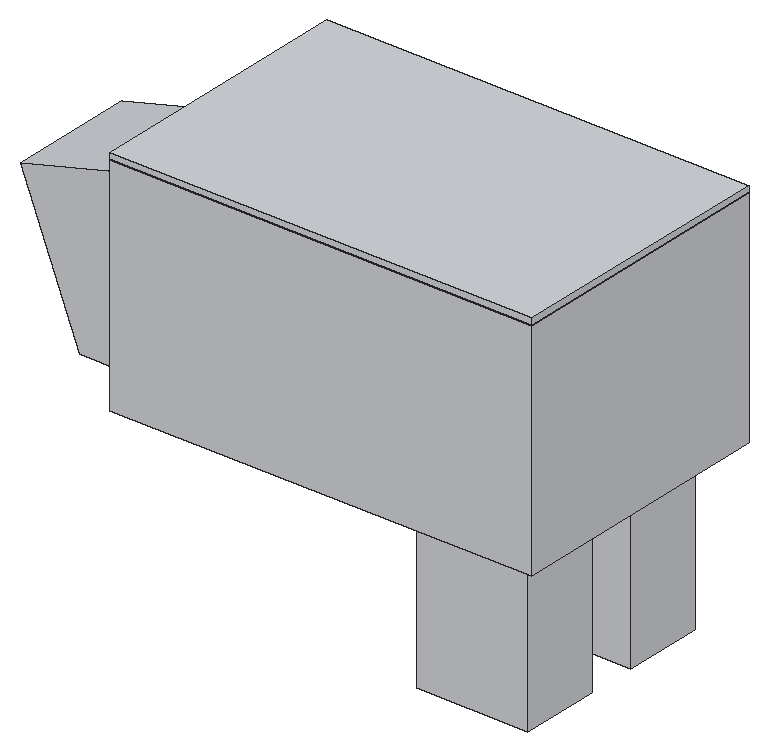
Revit family "AHU 1 _1", category Mechanické zařízení, Revit 2018
Family settings
  Kóta kulaté spojky = Použít průměr
  Typ dílu = Normální
  Číslo OmniClass = 23.75.00.00
  Nadpis OmniClass = Climate Control (HVAC)
  Založené na pracovní rovině = Ne
  Vždy vertikální = Ano
  Ořezat dutým tvarem při načtení = Ne
  Sdílené = Ne
  Bod výpočtu místnosti = Ne
Parameters (values of type "DUPLEXVENT 6500 Multi Eco-N")
  Width [instance] = 1.7 mm
  Weight [instance] = 749.00 kg
  URL = ""
  Type [instance] = "DUPLEXVENT 6500 Multi Eco-N"
  Total_SFP [instance] = 0
  Supply_outlet_hum [instance] = 90
  Supply_inlet_hum [instance] = 90
  Supply_ext_pressure [instance] = 0.0 Pa
  Supply_SFP [instance] = 0
  Source_adu_file [instance] = ""
  Recuperation_type [instance] = "Plate heat recovery exchanger"
  Recuperation_efficiency_EN308 [instance] = 0
  Project_name [instance] = ""
  Project_date [instance] = "9.8.2023"
  Power_supply_fusing [instance] = "0"
  Power_supply_cable [instance] = "0"
  Position [instance] = "AHU 1 "
  Phases_count [instance] = 3
  Panel_thickness [instance] = 0.06 mm
  Outer_surface [instance] = "RAL 9002"
  Length [instance] = 2.65 mm
  Insulation_type [instance] = "PUR"
  Insulation_thickness [instance] = 0.05 mm
  Installation_environment [instance] = ""
  Input_power_max [instance] = 6600 W
  Inner_surface [instance] = "Pozink"
  I2 [instance] = I1  # 0.0 L/s
  Height [instance] = 1.91 mm
  Exhaust_outlet_hum [instance] = 40
  Exhaust_inlet_hum [instance] = 40
  Exhaust_ext_pressure [instance] = 0.0 Pa
  Exhaust_SFP [instance] = 0
  E1 [instance] = E2 - M1  # 0.0 L/s
  E2 [instance] = 0.0 L/s
  I1 [instance] = 0.0 L/s
  Description = ""
  M1 [instance] = 0.0 L/s
  Device_dutypoint_version [instance] = "0"
  Device_design_version [instance] = "10"
  Device_adu_id [instance] = "1"
  Current_max [instance] = 10.8 A
  Casing_mat [instance] = "painted zinc layer"
  Cable type [instance] = ""
Reference planes
  plane 1 "Střed (vpředu/vzadu)": y = 0
  plane 2 "ref": z = 0
  plane 3 "Střed (vlevo/vpravo)": x = 0
Forms (mm)
  Sweep 1, solid
    path origin (0, 0, -1410) x (0, 0, 1) y (1, 0, 0)
      loop
        line (0, 0) -> (1410, 0)
    profile origin (0, 0, -1410) x (1, 0, 0) y (0, 1, 0)
      loop
        line (0, 0) -> (2650, 0) -> (2650, 1700) -> (0, 1700) -> (0, 0)
  Sweep 2, solid
    path origin (0, 0, 0) x (0, 0, 1) y (1, 0, 0)
      loop
        line (0, 0) -> (40, 0)
    profile origin (0, 0, 0) x (1, 0, 0) y (0, 1, 0)
      loop
        line (0, 0) -> (2650, 0) -> (2650, 1700) -> (0, 1700) -> (0, 0)
  Sweep 3, solid
    path origin (-310, 870, -655) x (1, 0, 0) y (0, 1, 0)
      loop
        line (0, 0) -> (0, -800)
    profile origin (-310, 870, -655) x (1, 0, 0) y (0, 0, 1)
      loop
        line (309, 555) -> (-310, 389) -> (62, -555) -> (310, -555) -> (309, 555)
  Sweep 4, solid
    path origin (0, 470, -655) x (0, 1, 0) y (-1, 0, 0)
      loop
        line (0, 0) -> (0, 1)
    profile origin (0, 470, -655) x (0, -1, 0) y (0, 0, 1)
      loop
        line (-400, -555) -> (400, -555) -> (400, 555) -> (-400, 555) -> (-400, -555)
  Sweep 5, solid
    path origin (2175, 1183, -1410) x (0, 0, -1) y (1, 0, 0)
      loop
        line (0, 0) -> (975, 0)
    profile origin (2175, 1183, -1410) x (0, -1, 0) y (1, 0, 0)
      loop
        line (-250, 350) -> (-250, -350) -> (250, -350) -> (250, 350) -> (-250, 350)
  Sweep 6, solid
    path origin (2175, 378, -1410) x (0, 0, -1) y (1, 0, 0)
      loop
        line (0, 0) -> (975, 0)
    profile origin (2175, 378, -1410) x (0, -1, 0) y (1, 0, 0)
      loop
        line (-250, 350) -> (-250, -350) -> (250, -350) -> (250, 350) -> (-250, 350)
  Sweep 7, solid
    path origin (70, 1880, -775) x (1, 0, 0) y (0, 1, 0)
      loop
        line (0, 0) -> (785, 0)
    profile origin (70, 1880, -775) x (0, 1, 0) y (0, 0, 1)
      loop
        line (-180, -435) -> (180, -435) -> (180, 255) -> (0, 435) -> (-180, 435) -> (-180, -435)
  Sweep 8, solid
    path origin (0, 0, -1210) x (0, 0, 1) y (1, 0, 0)
      loop
        line (0, 0) -> (870, 0)
    profile origin (0, 0, -1210) x (1, 0, 0) y (0, 1, 0)
      loop
        line (70, 1700) -> (855, 1700) -> (855, 1701) -> (70, 1701) -> (70, 1700)
  Sweep 9, solid
    path origin (113, 1587, -1410) x (0, -1, 0) y (0, 0, 1)
      loop
        line (0, 0) -> (0, -150)
    profile origin (113, 1587, -1410) x (-1, 0, 0) y (0, -1, 0)
      loop
        circle (0, 0) r 35
  Sweep 10, solid
    path origin (1321, 1587, -1410) x (0, -1, 0) y (0, 0, 1)
      loop
        line (0, 0) -> (0, -150)
    profile origin (1321, 1587, -1410) x (-1, 0, 0) y (0, -1, 0)
      loop
        circle (0, 0) r 35
  Sweep 11, solid
    path origin (0, 0, 5) x (0, 0, 1) y (1, 0, 0)
      loop
        line (0, 0) -> (35, 0)
    profile origin (0, 0, 5) x (1, 0, 0) y (0, 1, 0)
      loop
        line (0, 0) -> (2650, 0) -> (2650, 1700) -> (0, 1700) -> (0, 0)
Lines and regions (mm)
  model lines, style "Symbol"
    curve 1: line (1087, 0, 40) -> (1087, 340, 40)
    curve 2: line (1087, 1700, 40) -> (1087, 1360, 40)
    curve 3: line (0, 850, 40) -> (577, 850, 40)
    curve 4: line (2650, 850, 40) -> (1597, 850, 40)
    curve 5: line (577, 850, 40) -> (832, 1360, 40)
    curve 6: line (832, 1360, 40) -> (1341, 1360, 40)
    curve 7: line (1341, 1360, 40) -> (1597, 850, 40)
    curve 8: line (1597, 850, 40) -> (1341, 340, 40)
    curve 9: line (1341, 340, 40) -> (1087, 340, 40)
    curve 10: line (1087, 340, 40) -> (832, 340, 40)
    curve 11: line (832, 340, 40) -> (577, 850, 40)
    curve 12: line (2276, 1396, 40) -> (2548, 1350, 40)
    curve 13: line (2276, 1154, 40) -> (2548, 1200, 40)
    curve 14: line (134, 1156, 40) -> (180, 1428, 40)
    curve 15: line (376, 1156, 40) -> (330, 1428, 40)
    curve 16: line (53, 170, 40) -> (53, 680, 40)
    curve 17: line (53, 680, 40) -> (212, 680, 40)
    curve 18: line (212, 680, 40) -> (212, 170, 40)
    curve 19: line (212, 170, 40) -> (53, 170, 40)
    curve 20: line (133, 170, 40) -> (212, 425, 40)
    curve 21: line (133, 680, 40) -> (212, 425, 40)
    curve 22: line (2597, 680, 40) -> (2597, 170, 40)
    curve 23: line (2597, 170, 40) -> (2438, 170, 40)
    curve 24: line (2438, 170, 40) -> (2438, 680, 40)
    curve 25: line (2438, 680, 40) -> (2597, 680, 40)
    curve 26: line (2518, 680, 40) -> (2438, 425, 40)
    curve 27: line (2518, 170, 40) -> (2438, 425, 40)
    curve 28: line (739, 297, 40) -> (508, 752, 40)
    curve 29: line (508, 752, 40) -> (584, 791, 40)
    curve 30: line (584, 791, 40) -> (815, 336, 40)
    curve 31: line (815, 336, 40) -> (739, 297, 40)
    curve 32: line (600, 589, 40) -> (630, 681, 40)
    curve 33: line (693, 407, 40) -> (723, 499, 40)
    curve 34: line (67, 1587, -1410) -> (159, 1587, -1410)
    curve 35: line (113, 1541, -1410) -> (113, 1633, -1410)
    curve 36: line (1275, 1587, -1410) -> (1367, 1587, -1410)
    curve 37: line (1321, 1541, -1410) -> (1321, 1633, -1410)
    curve 38: line (0, 0, 1400) -> (0, 0, 0)
    curve 39: line (2650, 0, 1400) -> (2650, 0, 0)
    curve 40: line (0, 0, 1400) -> (2650, 0, 1400)
    curve 41: line (0, 1700, 1400) -> (0, 1700, 0)
    curve 42: line (2650, 1700, 1400) -> (2650, 1700, 0)
    curve 43: line (0, 1700, 1400) -> (2650, 1700, 1400)
    curve 44: line (0, 0, 1400) -> (0, 1700, 1400)
    curve 45: line (2650, 0, 1400) -> (2650, 1700, 1400)
    curve 46: line (0, 1500, 1400) -> (200, 1700, 1400)
    curve 47: line (0, 1300, 1400) -> (400, 1700, 1400)
    curve 48: line (0, 1100, 1400) -> (600, 1700, 1400)
    curve 49: line (0, 900, 1400) -> (800, 1700, 1400)
    curve 50: line (0, 700, 1400) -> (1000, 1700, 1400)
    curve 51: line (0, 500, 1400) -> (1200, 1700, 1400)
    curve 52: line (0, 300, 1400) -> (1400, 1700, 1400)
    curve 53: line (0, 100, 1400) -> (1600, 1700, 1400)
    curve 54: line (100, 0, 1400) -> (1800, 1700, 1400)
    curve 55: line (300, 0, 1400) -> (2000, 1700, 1400)
    curve 56: line (500, 0, 1400) -> (2200, 1700, 1400)
    curve 57: line (700, 0, 1400) -> (2400, 1700, 1400)
    curve 58: line (900, 0, 1400) -> (2600, 1700, 1400)
    curve 59: line (1100, 0, 1400) -> (2650, 1550, 1400)
    curve 60: line (1300, 0, 1400) -> (2650, 1350, 1400)
    curve 61: line (1500, 0, 1400) -> (2650, 1150, 1400)
    curve 62: line (1700, 0, 1400) -> (2650, 950, 1400)
    curve 63: line (1900, 0, 1400) -> (2650, 750, 1400)
    curve 64: line (2100, 0, 1400) -> (2650, 550, 1400)
    curve 65: line (2300, 0, 1400) -> (2650, 350, 1400)
    curve 66: line (2500, 0, 1400) -> (2650, 150, 1400)
    curve 67: line (2650, 1500, 1400) -> (2650, 1700, 1200)
    curve 68: line (2650, 1300, 1400) -> (2650, 1700, 1000)
    curve 69: line (2650, 1100, 1400) -> (2650, 1700, 800)
    curve 70: line (2650, 900, 1400) -> (2650, 1700, 600)
    curve 71: line (2650, 700, 1400) -> (2650, 1700, 400)
    curve 72: line (2650, 500, 1400) -> (2650, 1700, 200)
    curve 73: line (2650, 300, 1400) -> (2650, 1700, 0)
    curve 74: line (2650, 100, 1400) -> (2650, 1500, 0)
    curve 75: line (2650, 0, 1300) -> (2650, 1300, 0)
    curve 76: line (2650, 0, 1100) -> (2650, 1100, 0)
    curve 77: line (2650, 0, 900) -> (2650, 900, 0)
    curve 78: line (2650, 0, 700) -> (2650, 700, 0)
    curve 79: line (2650, 0, 500) -> (2650, 500, 0)
    curve 80: line (2650, 0, 300) -> (2650, 300, 0)
    curve 81: line (2650, 0, 100) -> (2650, 100, 0)
    curve 82: line (0, 1700, 1200) -> (200, 1700, 1400)
    curve 83: line (0, 1700, 1000) -> (400, 1700, 1400)
    curve 84: line (0, 1700, 800) -> (600, 1700, 1400)
    curve 85: line (0, 1700, 600) -> (800, 1700, 1400)
    curve 86: line (0, 1700, 400) -> (1000, 1700, 1400)
    curve 87: line (0, 1700, 200) -> (1200, 1700, 1400)
    curve 88: line (0, 1700, 0) -> (1400, 1700, 1400)
    curve 89: line (200, 1700, 0) -> (1600, 1700, 1400)
    curve 90: line (400, 1700, 0) -> (1800, 1700, 1400)
    curve 91: line (600, 1700, 0) -> (2000, 1700, 1400)
    curve 92: line (800, 1700, 0) -> (2200, 1700, 1400)
    curve 93: line (1000, 1700, 0) -> (2400, 1700, 1400)
    curve 94: line (1200, 1700, 0) -> (2600, 1700, 1400)
    curve 95: line (1400, 1700, 0) -> (2650, 1700, 1250)
    curve 96: line (1600, 1700, 0) -> (2650, 1700, 1050)
    curve 97: line (1800, 1700, 0) -> (2650, 1700, 850)
    curve 98: line (2000, 1700, 0) -> (2650, 1700, 650)
    curve 99: line (2200, 1700, 0) -> (2650, 1700, 450)
    curve 100: line (2400, 1700, 0) -> (2650, 1700, 250)
    curve 101: line (2600, 1700, 0) -> (2650, 1700, 50)
    curve 102: line (0, -700, -1410) -> (0, 0, -1410)
    curve 103: line (2650, -700, -1410) -> (2650, 0, -1410)
    curve 104: line (0, -700, -1410) -> (2650, -700, -1410)
    curve 105: line (0, -700, 0) -> (0, 0, 0)
    curve 106: line (2650, -700, 0) -> (2650, 0, 0)
    curve 107: line (0, -700, 0) -> (2650, -700, 0)
    curve 108: line (0, -700, -1410) -> (0, -700, 0)
    curve 109: line (2650, -700, -1410) -> (2650, -700, 0)
    curve 110: line (0, -700, -200) -> (200, -700, 0)
    curve 111: line (0, -700, -400) -> (400, -700, 0)
    curve 112: line (0, -700, -600) -> (600, -700, 0)
    curve 113: line (0, -700, -800) -> (800, -700, 0)
    curve 114: line (0, -700, -1000) -> (1000, -700, 0)
    curve 115: line (0, -700, -1200) -> (1200, -700, 0)
    curve 116: line (0, -700, -1400) -> (1400, -700, 0)
    curve 117: line (190, -700, -1410) -> (1600, -700, 0)
    curve 118: line (390, -700, -1410) -> (1800, -700, 0)
    curve 119: line (590, -700, -1410) -> (2000, -700, 0)
    curve 120: line (790, -700, -1410) -> (2200, -700, 0)
    curve 121: line (990, -700, -1410) -> (2400, -700, 0)
    curve 122: line (1190, -700, -1410) -> (2600, -700, 0)
    curve 123: line (1390, -700, -1410) -> (2650, -700, -150)
    curve 124: line (1590, -700, -1410) -> (2650, -700, -350)
    curve 125: line (1790, -700, -1410) -> (2650, -700, -550)
    curve 126: line (1990, -700, -1410) -> (2650, -700, -750)
    curve 127: line (2190, -700, -1410) -> (2650, -700, -950)
    curve 128: line (2390, -700, -1410) -> (2650, -700, -1150)
    curve 129: line (2590, -700, -1410) -> (2650, -700, -1350)
    curve 130: line (2650, -700, -200) -> (2650, -500, 0)
    curve 131: line (2650, -700, -400) -> (2650, -300, 0)
    curve 132: line (2650, -700, -600) -> (2650, -100, 0)
    curve 133: line (2650, -700, -800) -> (2650, 0, -100)
    curve 134: line (2650, -700, -1000) -> (2650, 0, -300)
    curve 135: line (2650, -700, -1200) -> (2650, 0, -500)
    curve 136: line (2650, -700, -1400) -> (2650, 0, -700)
    curve 137: line (2650, -510, -1410) -> (2650, 0, -900)
    curve 138: line (2650, -310, -1410) -> (2650, 0, -1100)
    curve 139: line (2650, -110, -1410) -> (2650, 0, -1300)
    curve 140: line (0, -500, 0) -> (200, -700, 0)
    curve 141: line (0, -300, 0) -> (400, -700, 0)
    curve 142: line (0, -100, 0) -> (600, -700, 0)
    curve 143: line (100, 0, 0) -> (800, -700, 0)
    curve 144: line (300, 0, 0) -> (1000, -700, 0)
    curve 145: line (500, 0, 0) -> (1200, -700, 0)
    curve 146: line (700, 0, 0) -> (1400, -700, 0)
    curve 147: line (900, 0, 0) -> (1600, -700, 0)
    curve 148: line (1100, 0, 0) -> (1800, -700, 0)
    curve 149: line (1300, 0, 0) -> (2000, -700, 0)
    curve 150: line (1500, 0, 0) -> (2200, -700, 0)
    curve 151: line (1700, 0, 0) -> (2400, -700, 0)
    curve 152: line (1900, 0, 0) -> (2600, -700, 0)
    curve 153: line (2100, 0, 0) -> (2650, -550, 0)
    curve 154: line (2300, 0, 0) -> (2650, -350, 0)
    curve 155: line (2500, 0, 0) -> (2650, -150, 0)
    curve 156: line (0, 2400, 0) -> (0, 1700, 0)
    curve 157: line (2650, 2400, 0) -> (2650, 1700, 0)
    curve 158: line (0, 2400, 0) -> (2650, 2400, 0)
    curve 159: line (0, 2400, -1410) -> (0, 1700, -1410)
    curve 160: line (2650, 2400, -1410) -> (2650, 1700, -1410)
    curve 161: line (0, 2400, -1410) -> (2650, 2400, -1410)
    curve 162: line (0, 2400, 0) -> (0, 2400, -1410)
    curve 163: line (2650, 2400, 0) -> (2650, 2400, -1410)
    curve 164: line (0, 2400, -1210) -> (200, 2400, -1410)
    curve 165: line (0, 2400, -1010) -> (400, 2400, -1410)
    curve 166: line (0, 2400, -810) -> (600, 2400, -1410)
    curve 167: line (0, 2400, -610) -> (800, 2400, -1410)
    curve 168: line (0, 2400, -410) -> (1000, 2400, -1410)
    curve 169: line (0, 2400, -210) -> (1200, 2400, -1410)
    curve 170: line (0, 2400, -10) -> (1400, 2400, -1410)
    curve 171: line (190, 2400, 0) -> (1600, 2400, -1410)
    curve 172: line (390, 2400, 0) -> (1800, 2400, -1410)
    curve 173: line (590, 2400, 0) -> (2000, 2400, -1410)
    curve 174: line (790, 2400, 0) -> (2200, 2400, -1410)
    curve 175: line (990, 2400, 0) -> (2400, 2400, -1410)
    curve 176: line (1190, 2400, 0) -> (2600, 2400, -1410)
    curve 177: line (1390, 2400, 0) -> (2650, 2400, -1260)
    curve 178: line (1590, 2400, 0) -> (2650, 2400, -1060)
    curve 179: line (1790, 2400, 0) -> (2650, 2400, -860)
    curve 180: line (1990, 2400, 0) -> (2650, 2400, -660)
    curve 181: line (2190, 2400, 0) -> (2650, 2400, -460)
    curve 182: line (2390, 2400, 0) -> (2650, 2400, -260)
    curve 183: line (2590, 2400, 0) -> (2650, 2400, -60)
    curve 184: line (2650, 2400, -1210) -> (2650, 2200, -1410)
    curve 185: line (2650, 2400, -1010) -> (2650, 2000, -1410)
    curve 186: line (2650, 2400, -810) -> (2650, 1800, -1410)
    curve 187: line (2650, 2400, -610) -> (2650, 1700, -1310)
    curve 188: line (2650, 2400, -410) -> (2650, 1700, -1110)
    curve 189: line (2650, 2400, -210) -> (2650, 1700, -910)
    curve 190: line (2650, 2400, -10) -> (2650, 1700, -710)
    curve 191: line (2650, 2210, 0) -> (2650, 1700, -510)
    curve 192: line (2650, 2010, 0) -> (2650, 1700, -310)
    curve 193: line (2650, 1810, 0) -> (2650, 1700, -110)
    curve 194: line (0, 2200, -1410) -> (200, 2400, -1410)
    curve 195: line (0, 2000, -1410) -> (400, 2400, -1410)
    curve 196: line (0, 1800, -1410) -> (600, 2400, -1410)
    curve 197: line (100, 1700, -1410) -> (800, 2400, -1410)
    curve 198: line (300, 1700, -1410) -> (1000, 2400, -1410)
    curve 199: line (500, 1700, -1410) -> (1200, 2400, -1410)
    curve 200: line (700, 1700, -1410) -> (1400, 2400, -1410)
    curve 201: line (900, 1700, -1410) -> (1600, 2400, -1410)
    curve 202: line (1100, 1700, -1410) -> (1800, 2400, -1410)
    curve 203: line (1300, 1700, -1410) -> (2000, 2400, -1410)
    curve 204: line (1500, 1700, -1410) -> (2200, 2400, -1410)
    curve 205: line (1700, 1700, -1410) -> (2400, 2400, -1410)
    curve 206: line (1900, 1700, -1410) -> (2600, 2400, -1410)
    curve 207: line (2100, 1700, -1410) -> (2650, 2250, -1410)
    curve 208: line (2300, 1700, -1410) -> (2650, 2050, -1410)
    curve 209: line (2500, 1700, -1410) -> (2650, 1850, -1410)
    curve 210: line (0, 0, 40) -> (0, 1700, 40)
    curve 211: line (0, 1700, 40) -> (1325, 1700, 40)
    curve 212: line (1325, 1700, 40) -> (1325, 0, 40)
    curve 213: line (1325, 0, 40) -> (0, 0, 40)
    curve 214: line (1325, 0, 40) -> (1325, 1700, 40)
    curve 215: line (1325, 1700, 40) -> (2650, 1700, 40)
    curve 216: line (2650, 1700, 40) -> (2650, 0, 40)
    curve 217: line (2650, 0, 40) -> (1325, 0, 40)
    curve 218: line (0, 0, 40) -> (2650, 0, 40)
    curve 219: line (0, 1700, 40) -> (2650, 1700, 40)
    curve 220: line (0, 0, 40) -> (0, 1700, 40)
    curve 221: line (2650, 0, 40) -> (2650, 1700, 40)
    curve 222: line (0, 0, 40) -> (0, 0, 5)
    curve 223: line (2650, 0, 40) -> (2650, 0, 5)
    curve 224: line (0, 1700, 40) -> (0, 1700, 5)
    curve 225: line (2650, 1700, 40) -> (2650, 1700, 5)
    curve 226: line (13, 15, -1910) -> (13, 15, -1410)
    curve 227: line (13, 15, -1410) -> (2638, 15, -1410)
    curve 228: line (2638, 15, -1410) -> (2638, 15, -1910)
    curve 229: line (2638, 15, -1910) -> (13, 15, -1910)
    curve 230: line (13, 1685, -1910) -> (13, 1685, -1410)
    curve 231: line (13, 1685, -1410) -> (2638, 1685, -1410)
    curve 232: line (2638, 1685, -1410) -> (2638, 1685, -1910)
    curve 233: line (2638, 1685, -1910) -> (13, 1685, -1910)
    curve 234: line (13, 15, -1910) -> (13, 15, -1410)
    curve 235: line (13, 15, -1410) -> (13, 1685, -1410)
    curve 236: line (13, 1685, -1410) -> (13, 1685, -1910)
    curve 237: line (13, 1685, -1910) -> (13, 15, -1910)
    curve 238: line (2638, 15, -1910) -> (2638, 15, -1410)
    curve 239: line (2638, 15, -1410) -> (2638, 1685, -1410)
    curve 240: line (2638, 1685, -1410) -> (2638, 1685, -1910)
    curve 241: line (2638, 1685, -1910) -> (2638, 15, -1910)
    curve 242: line (1050, 15, -1485) -> (1050, 15, -1735)
    curve 243: line (1050, 15, -1735) -> (1300, 15, -1735)
    curve 244: line (1300, 15, -1735) -> (1300, 15, -1485)
    curve 245: line (1300, 15, -1485) -> (1050, 15, -1485)
    curve 246: line (1075, 15, -1510) -> (1075, 15, -1710)
    curve 247: line (1075, 15, -1710) -> (1275, 15, -1710)
    curve 248: line (1275, 15, -1710) -> (1275, 15, -1510)
    curve 249: line (1275, 15, -1510) -> (1075, 15, -1510)
    curve 250: line (1050, 1685, -1485) -> (1050, 1685, -1735)
    curve 251: line (1050, 1685, -1735) -> (1300, 1685, -1735)
    curve 252: line (1300, 1685, -1735) -> (1300, 1685, -1485)
    curve 253: line (1300, 1685, -1485) -> (1050, 1685, -1485)
    curve 254: line (1075, 1685, -1510) -> (1075, 1685, -1710)
    curve 255: line (1075, 1685, -1710) -> (1275, 1685, -1710)
    curve 256: line (1275, 1685, -1710) -> (1275, 1685, -1510)
    curve 257: line (1275, 1685, -1510) -> (1075, 1685, -1510)
    curve 258: line (2325, 1685, -1485) -> (2325, 1685, -1735)
    curve 259: line (2325, 1685, -1735) -> (2575, 1685, -1735)
    curve 260: line (2575, 1685, -1735) -> (2575, 1685, -1485)
    curve 261: line (2575, 1685, -1485) -> (2325, 1685, -1485)
    curve 262: line (2350, 1685, -1510) -> (2350, 1685, -1710)
    curve 263: line (2350, 1685, -1710) -> (2550, 1685, -1710)
    curve 264: line (2550, 1685, -1710) -> (2550, 1685, -1510)
    curve 265: line (2550, 1685, -1510) -> (2350, 1685, -1510)
    curve 266: line (13, 525, -1485) -> (13, 775, -1485)
    curve 267: line (13, 775, -1485) -> (13, 775, -1735)
    curve 268: line (13, 775, -1735) -> (13, 525, -1735)
    curve 269: line (13, 525, -1735) -> (13, 525, -1485)
    curve 270: line (13, 550, -1510) -> (13, 750, -1510)
    curve 271: line (13, 750, -1510) -> (13, 750, -1710)
    curve 272: line (13, 750, -1710) -> (13, 550, -1710)
    curve 273: line (13, 550, -1710) -> (13, 550, -1510)
    curve 274: line (2638, 525, -1485) -> (2638, 775, -1485)
    curve 275: line (2638, 775, -1485) -> (2638, 775, -1735)
    curve 276: line (2638, 775, -1735) -> (2638, 525, -1735)
    curve 277: line (2638, 525, -1735) -> (2638, 525, -1485)
    curve 278: line (2638, 550, -1510) -> (2638, 750, -1510)
    curve 279: line (2638, 750, -1510) -> (2638, 750, -1710)
    curve 280: line (2638, 750, -1710) -> (2638, 550, -1710)
    curve 281: line (2638, 550, -1710) -> (2638, 550, -1510)
    curve 282: line (1028, 0, -580) -> (1028, 0, -830)
    curve 283: line (1028, 0, -830) -> (1278, 0, -830)
    curve 284: line (1278, 0, -830) -> (1278, 0, -580)
    curve 285: line (1278, 0, -580) -> (1028, 0, -580)
    curve 286: line (1053, 0, -605) -> (1053, 0, -805)
    curve 287: line (1053, 0, -805) -> (1253, 0, -805)
    curve 288: line (1253, 0, -805) -> (1253, 0, -605)
    curve 289: line (1253, 0, -605) -> (1053, 0, -605)
    curve 290: line (235, 0, -50) -> (235, 0, -1360)
    curve 291: line (235, 0, -1360) -> (485, 0, -1360)
    curve 292: line (485, 0, -1360) -> (485, 0, -50)
    curve 293: line (485, 0, -50) -> (235, 0, -50)
    curve 294: line (260, 0, -75) -> (260, 0, -1335)
    curve 295: line (260, 0, -1335) -> (460, 0, -1335)
    curve 296: line (460, 0, -1335) -> (460, 0, -75)
    curve 297: line (460, 0, -75) -> (260, 0, -75)
    curve 298: line (1585, 0, -50) -> (1585, 0, -1360)
    curve 299: line (1585, 0, -1360) -> (1835, 0, -1360)
    curve 300: line (1835, 0, -1360) -> (1835, 0, -50)
    curve 301: line (1835, 0, -50) -> (1585, 0, -50)
    curve 302: line (1610, 0, -75) -> (1610, 0, -1335)
    curve 303: line (1610, 0, -1335) -> (1810, 0, -1335)
    curve 304: line (1810, 0, -1335) -> (1810, 0, -75)
    curve 305: line (1810, 0, -75) -> (1610, 0, -75)
    curve 306: circle (2395, 1275, 40) r 170 normal (0, 0, 1)
    curve 307: circle (255, 1275, 40) r 170 normal (0, 0, 1)
    curve 308: circle (615, 635, 40) r 13 normal (0, 0, 1)
    curve 309: circle (708, 453, 40) r 13 normal (0, 0, 1)
    curve 310: circle (113, 1587, -1410) r 35 normal (0, 0, 1)
    curve 311: circle (1321, 1587, -1410) r 35 normal (0, 0, 1)
Dimensions and locks
  aligned and locked: level to plane 2 "ref"
Connectors
  hvac at (-1, 470, -655), driven by "E1"
    settings: on Sweep 4, index 1, duct flow 0.0 L/s, flow factor 0, pres drop 0.0 Pa, loss coef 0, conn angle 0.00°, conn width 10 mm, conn height 10 mm, conn diameter 609.6 mm, duct sys type 1, conn prof type 1, flow config 1, flow direction 1, loss method 0, conn ref index -1, conn util no, is conn primary yes, conn desc ""
  hvac at (2175, 1183, -2385), driven by "E2"
    settings: on Sweep 5, index 2, duct flow 0.0 L/s, flow factor 1, pres drop 0.0 Pa, loss coef 0, conn angle 0.00°, conn width 500 mm, conn height 700 mm, conn diameter 609.6 mm, duct sys type 1, conn prof type 1, flow config 2, flow direction 2, loss method 0, conn ref index -1, conn util no, is conn primary no, conn desc ""
  hvac at (2175, 378, -2385), driven by "I1"
    settings: on Sweep 6, index 3, duct flow 0.0 L/s, flow factor 1, pres drop 0.0 Pa, loss coef 0, conn angle 0.00°, conn width 500 mm, conn height 700 mm, conn diameter 609.6 mm, duct sys type 3, conn prof type 1, flow config 2, flow direction 1, loss method 0, conn ref index -1, conn util no, is conn primary no, conn desc ""
  hvac at (462.5, 1700.5, -340), driven by "I2"
    settings: on Sweep 8, index 4, duct flow 0.0 L/s, flow factor 0, pres drop 0.0 Pa, loss coef 0, conn angle 0.00°, conn width 10 mm, conn height 10 mm, conn diameter 609.6 mm, duct sys type 3, conn prof type 1, flow config 1, flow direction 2, loss method 0, conn ref index -1, conn util no, is conn primary no, conn desc ""
  piping at (113, 1587, -1560), diameter 40
    settings: on Sweep 9, index 5, connector inside diameter 609.6 mm, connector length 0 mm, flow factor 0, pipe flow 0.0 L/s, pressure drop 0.0 Pa, fitting loss kfactor 0, connector angle 0.00°, fixture units 0, engagement length 0 mm, angle of deflection 0.00°, flow configuration 1, flow direction 2, fitting loss method 0, system type 16, joint type 0, gender type 0, connector reference index -1, connector utility 0, adjustable connector no, is connector primary yes, connector description ""
  piping at (1321, 1587, -1560), diameter 40
    settings: on Sweep 10, index 6, connector inside diameter 609.6 mm, connector length 0 mm, flow factor 0, pipe flow 0.0 L/s, pressure drop 0.0 Pa, fitting loss kfactor 0, connector angle 0.00°, fixture units 0, engagement length 0 mm, angle of deflection 0.00°, flow configuration 1, flow direction 2, fitting loss method 0, system type 16, joint type 0, gender type 0, connector reference index -1, connector utility 0, adjustable connector no, is connector primary no, connector description ""
